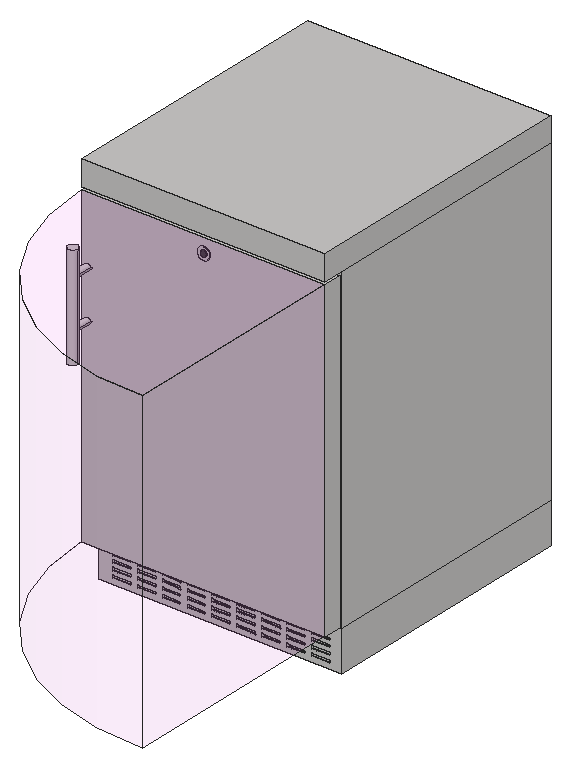
Revit family "QF_Summit_ACR45L_Vaccine_Refrigerator", category Specialty Equipment, Revit 2020
Family settings
  Round Connector Dimension = Use Diameter
  Part Type = Normal
  Work Plane-Based = No
  Always vertical = Yes
  Cut with Voids When Loaded = No
  Shared = No
  Room Calculation Point = No
Parameters
  Weight in Pounds = 79
  Watts = Volts * FL Amps  # 115 W
  Volts = 115 V
  URL Cutsheet = ""
  Specification by User = ""
  Specification by Manufacturer = ""
  Show Right Hand Door [instance] = not(Show Left Hand Door)  # yes
  Show Left Hand Door [instance] = no
  Show Clearance [instance] = yes
  Serial Number = ""
  Seismic Rating = ""
  SMACNA No = ""
  Revision Code = ""
  Refrigerant Volume = 0.00 kip
  Refrigerant Type = "R600a"
  Phase = 1
  Number of Poles = 1
  NAFEM Spec ID Number = ""
  Model = "ACR45L"
  Min Ckt Ampacity = 0 A
  Max Overcurrent Protection = 0 A
  Masterspec = ""
  Manufacturer = "Summit"
  Length = 19 1/2"
  Item Number = ""
  Installed By = ""
  Identify Quantity as Lot = yes
  Height = 31 1/2"
  HP = ""
  Furnished By = ""
  Foodservice Equipment Identifier = yes
  FL Amps = 1 A
  Electrical Remarks = ""
  Electric Connection Type = ""
  Elec Conn RI Height = 0"
  Elec Conn Connection Height = 0"
  Description = "Vaccine Refrigerator"
  Depth = 22 3/4"
  Default Elevation = 0"
  Cycle = 60 Hz
  Conn Plug = ""
  Conn Conduit = yes
  CSI MasterFormat = ""
  BTUH = 0.0 Btu/h
  Apparent Power = 0 VA
Reference planes (in)
  plane 1 "BACK": y = 0
  plane 2: z = 0
  plane 3 "LEFT": x = 0
  plane 4 "RIGHT": x = 19.5
  plane 5 "FRONT": y = -21
  plane 6 "TOP": z = 31.5
  plane 7 "Center Y": x = 9.75
  plane 8 "Center X": y = -10.5
  plane 9: y = -22.75
  plane 10: y = -24.625
Dimensions and locks (in)
  equal spacing: plane 3 "LEFT", plane 7 "Center Y", plane 4 "RIGHT"
  "Length": plane 3 "LEFT" to plane 4 "RIGHT"
  equal spacing: plane 5 "FRONT", plane 8 "Center X", plane 1 "BACK"
  plane 5 "FRONT" to plane 1 "BACK" = 21"
  "Height": plane 6 "TOP" to level
  plane 9 to plane 1 "BACK" = 22 3/4"
  plane 9 to plane 10 = 1 7/8"
  aligned and locked: level to plane 2
Nested families (in)
  nested 1: "ACR45L" at (0, 0, 0), Show Clearance <- "Show Clearance", Show Left Hand Door <- "Show Left Hand Door", Show Right Hand Door <- "Show Right Hand Door", type "ACR45L"
    with Show Right Hand Door yes, Show Left Hand Door no, Show Clearance yes
Connectors (in)
  electrical at (17.51033, 0.0625, 4.5968), driven by "Watts", driven by "Volts"
    settings: on nested 1, index 1, voltage 115 V, apparent load 115 VA, apparent load phase1 0 VA, apparent load phase2 0 VA, apparent load phase3 0 VA, power factor 1, load classification "Other", number of poles 1, system type 30, power factor state 1, is connector primary yes, connector utility no, sub classification motor no, connector description "ELECTRICAL CONNECTION"
Definition of nested family "ACR45L"
  Parameters (values of type "ACR45L")
    Weight in Pounds = 0
    URL Cutsheet = ""
    Specification by User = ""
    Specification by Manufacturer = ""
    Show Right Hand Door [instance] = yes
    Show Left Hand Door [instance] = yes
    Show Clearance [instance] = yes
    Serial Number = ""
    Seismic Rating = ""
    SMACNA No = ""
    Revision Code = ""
    NAFEM Spec ID Number = ""
    Masterspec = ""
    Length = 19 1/2"
    Item Number = ""
    Installed By = ""
    Identify Quantity as Lot = yes
    Height = 31 1/2"
    Furnished By = ""
    Foodservice Equipment Identifier = yes
    Depth = 21"
    Default Elevation = 0"
    CSI MasterFormat = ""
  Reference planes (in)
    plane 1 "BACK": y = 0
    plane 2: z = 0
    plane 3 "LEFT": x = 0
    plane 4 "RIGHT": x = 19.5
    plane 5 "FRONT": y = -21
    plane 6 "TOP": z = 31.5
    plane 7 "Center Y": x = 9.75
    plane 8 "Center X": y = -10.5
    plane 9: y = -24.625
    plane 10: z = 3.75
    plane 11: z = 0.5
    plane 12: z = 29.5
    plane 13: z = 25.93048
    plane 14: z = 17.68048
    plane 15: y = -41
  Forms (in)
    Extrusion 1, solid
      sketch origin (-4.2645, -180, 3.75) x (-1, 0, 0) y (0, -1, 0)
        loop
          line (-4.2645, -180) -> (-4.2645, -159) -> (-23.7645, -159) -> (-23.7645, -180) -> (-4.2645, -180)
      from 0 to 25.75
    Extrusion 2, solid
      sketch origin (-4.2645, -180, 29.5) x (-1, 0, 0) y (0, -1, 0)
        loop
          line (-4.2645, -180) -> (-4.2645, -157.25) -> (-23.7645, -157.25) -> (-23.7645, -180) -> (-4.2645, -180)
      from 0 to 2
    Extrusion 3, solid
      sketch origin (0, 0, 0) x (1, 0, 0) y (0, 0, 1)
        loop
          line (0, 3.75) -> (0, 0.5) -> (19.5, 0.5) -> (19.5, 3.75) -> (0, 3.75)
      from 0 to 21
    Extrusion 4, void
      sketch origin (0, -21, 0) x (-1, 0, 0) y (0, 0, 1)
        loop
          line (-1.08578, 3.41427) -> (-2.58578, 3.41427) -> (-2.58578, 3.16427) -> (-1.08578, 3.16427) -> (-1.08578, 3.41427)
      from 0 to 0.14499
    Extrusion 5, void
      sketch origin (16, -21, 0) x (-1, 0, 0) y (0, 0, 1)
        loop
          line (-1.08578, 3.41427) -> (-2.58578, 3.41427) -> (-2.58578, 3.16427) -> (-1.08578, 3.16427) -> (-1.08578, 3.41427)
      from 0 to 0.14499
    Extrusion 6, void
      sketch origin (2, -21, 0) x (-1, 0, 0) y (0, 0, 1)
        loop
          line (-1.08578, 3.41427) -> (-2.58578, 3.41427) -> (-2.58578, 3.16427) -> (-1.08578, 3.16427) -> (-1.08578, 3.41427)
      from 0 to 0.14499
    Extrusion 7, void
      sketch origin (4, -21, 0) x (-1, 0, 0) y (0, 0, 1)
        loop
          line (-1.08578, 3.41427) -> (-2.58578, 3.41427) -> (-2.58578, 3.16427) -> (-1.08578, 3.16427) -> (-1.08578, 3.41427)
      from 0 to 0.14499
    Extrusion 8, void
      sketch origin (6, -21, 0) x (-1, 0, 0) y (0, 0, 1)
        loop
          line (-1.08578, 3.41427) -> (-2.58578, 3.41427) -> (-2.58578, 3.16427) -> (-1.08578, 3.16427) -> (-1.08578, 3.41427)
      from 0 to 0.14499
    Extrusion 9, void
      sketch origin (8, -21, 0) x (-1, 0, 0) y (0, 0, 1)
        loop
          line (-1.08578, 3.41427) -> (-2.58578, 3.41427) -> (-2.58578, 3.16427) -> (-1.08578, 3.16427) -> (-1.08578, 3.41427)
      from 0 to 0.14499
    Extrusion 10, void
      sketch origin (10, -21, 0) x (-1, 0, 0) y (0, 0, 1)
        loop
          line (-1.08578, 3.41427) -> (-2.58578, 3.41427) -> (-2.58578, 3.16427) -> (-1.08578, 3.16427) -> (-1.08578, 3.41427)
      from 0 to 0.14499
    Extrusion 11, void
      sketch origin (12, -21, 0) x (-1, 0, 0) y (0, 0, 1)
        loop
          line (-1.08578, 3.41427) -> (-2.58578, 3.41427) -> (-2.58578, 3.16427) -> (-1.08578, 3.16427) -> (-1.08578, 3.41427)
      from 0 to 0.14499
    Extrusion 12, void
      sketch origin (14, -21, 0) x (-1, 0, 0) y (0, 0, 1)
        loop
          line (-1.08578, 3.41427) -> (-2.58578, 3.41427) -> (-2.58578, 3.16427) -> (-1.08578, 3.16427) -> (-1.08578, 3.41427)
      from 0 to 0.14499
    Extrusion 13, void
      sketch origin (0, -21, -0.62301) x (-1, 0, 0) y (0, 0, 1)
        loop
          line (-1.08578, 3.41427) -> (-2.58578, 3.41427) -> (-2.58578, 3.16427) -> (-1.08578, 3.16427) -> (-1.08578, 3.41427)
      from 0 to 0.14499
    Extrusion 14, void
      sketch origin (0, -21, -1.12301) x (-1, 0, 0) y (0, 0, 1)
        loop
          line (-1.08578, 3.41427) -> (-2.58578, 3.41427) -> (-2.58578, 3.16427) -> (-1.08578, 3.16427) -> (-1.08578, 3.41427)
      from 0 to 0.14499
    Extrusion 15, void
      sketch origin (0, -21, -1.68815) x (-1, 0, 0) y (0, 0, 1)
        loop
          line (-1.08578, 3.41427) -> (-2.58578, 3.41427) -> (-2.58578, 3.16427) -> (-1.08578, 3.16427) -> (-1.08578, 3.41427)
      from 0 to 0.14499
    Extrusion 16, void
      sketch origin (0, -21, -2.25065) x (-1, 0, 0) y (0, 0, 1)
        loop
          line (-1.08578, 3.41427) -> (-2.58578, 3.41427) -> (-2.58578, 3.16427) -> (-1.08578, 3.16427) -> (-1.08578, 3.41427)
      from 0 to 0.14499
    Extrusion 17, void
      sketch origin (16, -21, -0.62301) x (-1, 0, 0) y (0, 0, 1)
        loop
          line (-1.08578, 3.41427) -> (-2.58578, 3.41427) -> (-2.58578, 3.16427) -> (-1.08578, 3.16427) -> (-1.08578, 3.41427)
      from 0 to 0.14499
    Extrusion 18, void
      sketch origin (16, -21, -1.12301) x (-1, 0, 0) y (0, 0, 1)
        loop
          line (-1.08578, 3.41427) -> (-2.58578, 3.41427) -> (-2.58578, 3.16427) -> (-1.08578, 3.16427) -> (-1.08578, 3.41427)
      from 0 to 0.14499
    Extrusion 19, void
      sketch origin (16, -21, -1.68815) x (-1, 0, 0) y (0, 0, 1)
        loop
          line (-1.08578, 3.41427) -> (-2.58578, 3.41427) -> (-2.58578, 3.16427) -> (-1.08578, 3.16427) -> (-1.08578, 3.41427)
      from 0 to 0.14499
    Extrusion 20, void
      sketch origin (16, -21, -2.25065) x (-1, 0, 0) y (0, 0, 1)
        loop
          line (-1.08578, 3.41427) -> (-2.58578, 3.41427) -> (-2.58578, 3.16427) -> (-1.08578, 3.16427) -> (-1.08578, 3.41427)
      from 0 to 0.14499
    Extrusion 21, void
      sketch origin (2, -21, -0.62301) x (-1, 0, 0) y (0, 0, 1)
        loop
          line (-1.08578, 3.41427) -> (-2.58578, 3.41427) -> (-2.58578, 3.16427) -> (-1.08578, 3.16427) -> (-1.08578, 3.41427)
      from 0 to 0.14499
    Extrusion 22, void
      sketch origin (2, -21, -1.12301) x (-1, 0, 0) y (0, 0, 1)
        loop
          line (-1.08578, 3.41427) -> (-2.58578, 3.41427) -> (-2.58578, 3.16427) -> (-1.08578, 3.16427) -> (-1.08578, 3.41427)
      from 0 to 0.14499
    Extrusion 23, void
      sketch origin (2, -21, -1.68815) x (-1, 0, 0) y (0, 0, 1)
        loop
          line (-1.08578, 3.41427) -> (-2.58578, 3.41427) -> (-2.58578, 3.16427) -> (-1.08578, 3.16427) -> (-1.08578, 3.41427)
      from 0 to 0.14499
    Extrusion 24, void
      sketch origin (2, -21, -2.25065) x (-1, 0, 0) y (0, 0, 1)
        loop
          line (-1.08578, 3.41427) -> (-2.58578, 3.41427) -> (-2.58578, 3.16427) -> (-1.08578, 3.16427) -> (-1.08578, 3.41427)
      from 0 to 0.14499
    Extrusion 25, void
      sketch origin (4, -21, -0.62301) x (-1, 0, 0) y (0, 0, 1)
        loop
          line (-1.08578, 3.41427) -> (-2.58578, 3.41427) -> (-2.58578, 3.16427) -> (-1.08578, 3.16427) -> (-1.08578, 3.41427)
      from 0 to 0.14499
    Extrusion 26, void
      sketch origin (4, -21, -1.12301) x (-1, 0, 0) y (0, 0, 1)
        loop
          line (-1.08578, 3.41427) -> (-2.58578, 3.41427) -> (-2.58578, 3.16427) -> (-1.08578, 3.16427) -> (-1.08578, 3.41427)
      from 0 to 0.14499
    Extrusion 27, void
      sketch origin (4, -21, -1.68815) x (-1, 0, 0) y (0, 0, 1)
        loop
          line (-1.08578, 3.41427) -> (-2.58578, 3.41427) -> (-2.58578, 3.16427) -> (-1.08578, 3.16427) -> (-1.08578, 3.41427)
      from 0 to 0.14499
    Extrusion 28, void
      sketch origin (4, -21, -2.25065) x (-1, 0, 0) y (0, 0, 1)
        loop
          line (-1.08578, 3.41427) -> (-2.58578, 3.41427) -> (-2.58578, 3.16427) -> (-1.08578, 3.16427) -> (-1.08578, 3.41427)
      from 0 to 0.14499
    Extrusion 29, void
      sketch origin (6, -21, -0.62301) x (-1, 0, 0) y (0, 0, 1)
        loop
          line (-1.08578, 3.41427) -> (-2.58578, 3.41427) -> (-2.58578, 3.16427) -> (-1.08578, 3.16427) -> (-1.08578, 3.41427)
      from 0 to 0.14499
    Extrusion 30, void
      sketch origin (6, -21, -1.12301) x (-1, 0, 0) y (0, 0, 1)
        loop
          line (-1.08578, 3.41427) -> (-2.58578, 3.41427) -> (-2.58578, 3.16427) -> (-1.08578, 3.16427) -> (-1.08578, 3.41427)
      from 0 to 0.14499
    Extrusion 31, void
      sketch origin (6, -21, -1.68815) x (-1, 0, 0) y (0, 0, 1)
        loop
          line (-1.08578, 3.41427) -> (-2.58578, 3.41427) -> (-2.58578, 3.16427) -> (-1.08578, 3.16427) -> (-1.08578, 3.41427)
      from 0 to 0.14499
    Extrusion 32, void
      sketch origin (6, -21, -2.25065) x (-1, 0, 0) y (0, 0, 1)
        loop
          line (-1.08578, 3.41427) -> (-2.58578, 3.41427) -> (-2.58578, 3.16427) -> (-1.08578, 3.16427) -> (-1.08578, 3.41427)
      from 0 to 0.14499
    Extrusion 33, void
      sketch origin (8, -21, -0.62301) x (-1, 0, 0) y (0, 0, 1)
        loop
          line (-1.08578, 3.41427) -> (-2.58578, 3.41427) -> (-2.58578, 3.16427) -> (-1.08578, 3.16427) -> (-1.08578, 3.41427)
      from 0 to 0.14499
    Extrusion 34, void
      sketch origin (8, -21, -1.12301) x (-1, 0, 0) y (0, 0, 1)
        loop
          line (-1.08578, 3.41427) -> (-2.58578, 3.41427) -> (-2.58578, 3.16427) -> (-1.08578, 3.16427) -> (-1.08578, 3.41427)
      from 0 to 0.14499
    Extrusion 35, void
      sketch origin (8, -21, -1.68815) x (-1, 0, 0) y (0, 0, 1)
        loop
          line (-1.08578, 3.41427) -> (-2.58578, 3.41427) -> (-2.58578, 3.16427) -> (-1.08578, 3.16427) -> (-1.08578, 3.41427)
      from 0 to 0.14499
    Extrusion 36, void
      sketch origin (8, -21, -2.25065) x (-1, 0, 0) y (0, 0, 1)
        loop
          line (-1.08578, 3.41427) -> (-2.58578, 3.41427) -> (-2.58578, 3.16427) -> (-1.08578, 3.16427) -> (-1.08578, 3.41427)
      from 0 to 0.14499
    Extrusion 37, void
      sketch origin (10, -21, -0.62301) x (-1, 0, 0) y (0, 0, 1)
        loop
          line (-1.08578, 3.41427) -> (-2.58578, 3.41427) -> (-2.58578, 3.16427) -> (-1.08578, 3.16427) -> (-1.08578, 3.41427)
      from 0 to 0.14499
    Extrusion 38, void
      sketch origin (10, -21, -1.12301) x (-1, 0, 0) y (0, 0, 1)
        loop
          line (-1.08578, 3.41427) -> (-2.58578, 3.41427) -> (-2.58578, 3.16427) -> (-1.08578, 3.16427) -> (-1.08578, 3.41427)
      from 0 to 0.14499
    Extrusion 39, void
      sketch origin (10, -21, -1.68815) x (-1, 0, 0) y (0, 0, 1)
        loop
          line (-1.08578, 3.41427) -> (-2.58578, 3.41427) -> (-2.58578, 3.16427) -> (-1.08578, 3.16427) -> (-1.08578, 3.41427)
      from 0 to 0.14499
    Extrusion 40, void
      sketch origin (10, -21, -2.25065) x (-1, 0, 0) y (0, 0, 1)
        loop
          line (-1.08578, 3.41427) -> (-2.58578, 3.41427) -> (-2.58578, 3.16427) -> (-1.08578, 3.16427) -> (-1.08578, 3.41427)
      from 0 to 0.14499
    Extrusion 41, void
      sketch origin (12, -21, -0.62301) x (-1, 0, 0) y (0, 0, 1)
        loop
          line (-1.08578, 3.41427) -> (-2.58578, 3.41427) -> (-2.58578, 3.16427) -> (-1.08578, 3.16427) -> (-1.08578, 3.41427)
      from 0 to 0.14499
    Extrusion 42, void
      sketch origin (12, -21, -1.12301) x (-1, 0, 0) y (0, 0, 1)
        loop
          line (-1.08578, 3.41427) -> (-2.58578, 3.41427) -> (-2.58578, 3.16427) -> (-1.08578, 3.16427) -> (-1.08578, 3.41427)
      from 0 to 0.14499
    Extrusion 43, void
      sketch origin (12, -21, -1.68815) x (-1, 0, 0) y (0, 0, 1)
        loop
          line (-1.08578, 3.41427) -> (-2.58578, 3.41427) -> (-2.58578, 3.16427) -> (-1.08578, 3.16427) -> (-1.08578, 3.41427)
      from 0 to 0.14499
    Extrusion 44, void
      sketch origin (12, -21, -2.25065) x (-1, 0, 0) y (0, 0, 1)
        loop
          line (-1.08578, 3.41427) -> (-2.58578, 3.41427) -> (-2.58578, 3.16427) -> (-1.08578, 3.16427) -> (-1.08578, 3.41427)
      from 0 to 0.14499
    Extrusion 45, void
      sketch origin (14, -21, -0.62301) x (-1, 0, 0) y (0, 0, 1)
        loop
          line (-1.08578, 3.41427) -> (-2.58578, 3.41427) -> (-2.58578, 3.16427) -> (-1.08578, 3.16427) -> (-1.08578, 3.41427)
      from 0 to 0.14499
    Extrusion 46, void
      sketch origin (14, -21, -1.12301) x (-1, 0, 0) y (0, 0, 1)
        loop
          line (-1.08578, 3.41427) -> (-2.58578, 3.41427) -> (-2.58578, 3.16427) -> (-1.08578, 3.16427) -> (-1.08578, 3.41427)
      from 0 to 0.14499
    Extrusion 47, void
      sketch origin (14, -21, -1.68815) x (-1, 0, 0) y (0, 0, 1)
        loop
          line (-1.08578, 3.41427) -> (-2.58578, 3.41427) -> (-2.58578, 3.16427) -> (-1.08578, 3.16427) -> (-1.08578, 3.41427)
      from 0 to 0.14499
    Extrusion 48, void
      sketch origin (14, -21, -2.25065) x (-1, 0, 0) y (0, 0, 1)
        loop
          line (-1.08578, 3.41427) -> (-2.58578, 3.41427) -> (-2.58578, 3.16427) -> (-1.08578, 3.16427) -> (-1.08578, 3.41427)
      from 0 to 0.14499
    Extrusion 49, solid
      sketch origin (0, 0, 3.75) x (1, 0, 0) y (0, 0, -1)
        loop
          circle (17.51033, -0.8468) r 0.25
      from 0 to 0.0625
    Revolve 50, solid
      sketch origin (0, -17.75, 0.5) x (0, 0, 1) y (1, 0, 0)
        loop
          line (0, 1.58578) -> (0, 2.40142) -> (-0.5, 2.40142) -> (-0.5, 1.58578) -> (0, 1.58578)
        axis (0, 1.58578) -> (-0.5, 1.58578)
      angle from 0 to 360
    Revolve 51, solid
      sketch origin (0, -17.75, 0.5) x (0, 0, 1) y (1, 0, 0)
        loop
          line (0, 18.10172) -> (-0.5, 18.10172) -> (-0.5, 17.28608) -> (0, 17.28608) -> (0, 18.10172)
        axis (0, 18.10172) -> (-0.5, 18.10172)
      angle from 0 to 360
    Revolve 52, solid
      sketch origin (0, -3.25, 0.5) x (0, 0, 1) y (-1, 0, 0)
        loop
          line (0, -1.58578) -> (-0.5, -1.58578) -> (-0.5, -2.40142) -> (0, -2.40142) -> (0, -1.58578)
        axis (0, -1.58578) -> (-0.5, -1.58578)
      angle from 0 to 360
    Revolve 53, solid
      sketch origin (0, -3.25, 0.5) x (0, 0, 1) y (-1, 0, 0)
        loop
          line (0, -18.10172) -> (0, -17.28608) -> (-0.5, -17.28608) -> (-0.5, -18.10172) -> (0, -18.10172)
        axis (0, -18.10172) -> (-0.5, -18.10172)
      angle from 0 to 360
  Cuts and joins
    Extrusion 4, Extrusion 5, Extrusion 6, Extrusion 7, Extrusion 8, Extrusion 9, Extrusion 10, Extrusion 11, Extrusion 12, Extrusion 13, Extrusion 14, Extrusion 15, Extrusion 16, Extrusion 17, Extrusion 18, Extrusion 19, Extrusion 20, Extrusion 21, Extrusion 22, Extrusion 23, Extrusion 24, Extrusion 25, Extrusion 26, Extrusion 27, Extrusion 28, Extrusion 29, Extrusion 30, Extrusion 31, Extrusion 32, Extrusion 33, Extrusion 34, Extrusion 35, Extrusion 36, Extrusion 37, Extrusion 38, Extrusion 39, Extrusion 40, Extrusion 41, Extrusion 42, Extrusion 43, Extrusion 44, Extrusion 45, Extrusion 46, Extrusion 47, Extrusion 48 cuts Extrusion 3
    joined: Extrusion 1, Extrusion 49
  Lines and regions (in)
    Split face 1
      outline origin (18.53498, -22.75, 29.5) x (-1, 0, 0) y (0, 0, -1)
        loop
          line (7.18686, -1.71495) -> (7.18686, -0.3463) -> (4.18686, -0.3463) -> (4.18686, -1.71495) -> (7.18686, -1.71495)
    Split face 2
      outline origin (18.53498, -22.75, 29.5) x (-1, 0, 0) y (0, 0, -1)
        loop
          line (6.5649, -1.59876) -> (6.5649, -0.74798) -> (4.75699, -0.74798) -> (4.75699, -1.59876) -> (6.5649, -1.59876)
    Split face 3
      outline origin (18.53498, -22.75, 29.5) x (-1, 0, 0) y (0, 0, -1)
        loop
          line (3.43228, -1.90895) -> (3.43228, -0.05898) -> (0.0922, -0.05898) -> (0.0922, -1.90895) -> (3.43228, -1.90895)
    Split face 4
      outline origin (18.53498, -22.75, 29.5) x (-1, 0, 0) y (0, 0, -1)
        loop
          line (2.925, -1.59876) -> (2.925, -0.59876) -> (0.78476, -0.59876) -> (0.78476, -1.59876) -> (2.925, -1.59876)
    symbolic lines
      curve 1: line (0, 0, 0) -> (19.5, 0, 0)
      curve 2: line (0, -21, 0) -> (0, 0, 0)
      curve 3: line (19.5, -21, 0) -> (0, -21, 0)
      curve 4: line (19.5, 0, 0) -> (19.5, -21, 0)
  Dimensions and locks (in)
    equal spacing: plane 3 "LEFT", plane 7 "Center Y", plane 4 "RIGHT"
    "Length": plane 3 "LEFT" to plane 4 "RIGHT"
    equal spacing: plane 5 "FRONT", plane 8 "Center X", plane 1 "BACK"
    "Depth": plane 5 "FRONT" to plane 1 "BACK"
    "Height": plane 6 "TOP" to level
    plane 12 to plane 6 "TOP" = 2"
    plane 10 to plane 11 = 3 1/4"
    plane 11 to level = 1/2"
    plane 13 to plane 14 = 8 1/4"
    equal spacing: group 1, group 3, group 4, group 5, group 6, group 7, group 8, group 9, group 2  (x3)
    plane 1 "BACK" to plane 15 = 41"
    aligned and locked: level to plane 2
  Automatic sketch dimensions
    Extrusion 4 sketch curve to Extrusion 4 sketch curve = 1/4"
    Extrusion 4 sketch curve to Extrusion 4 sketch curve = 1 1/2"
    Extrusion 5 sketch curve to Extrusion 5 sketch curve = 1/4"
    Extrusion 5 sketch curve to Extrusion 5 sketch curve = 1 1/2"
    Extrusion 6 sketch curve to Extrusion 6 sketch curve = 1/4"
    Extrusion 6 sketch curve to Extrusion 6 sketch curve = 1 1/2"
    Extrusion 7 sketch curve to Extrusion 7 sketch curve = 1/4"
    Extrusion 7 sketch curve to Extrusion 7 sketch curve = 1 1/2"
    Extrusion 8 sketch curve to Extrusion 8 sketch curve = 1/4"
    Extrusion 8 sketch curve to Extrusion 8 sketch curve = 1 1/2"
    Extrusion 9 sketch curve to Extrusion 9 sketch curve = 1/4"
    Extrusion 9 sketch curve to Extrusion 9 sketch curve = 1 1/2"
    Extrusion 10 sketch curve to Extrusion 10 sketch curve = 1/4"
    Extrusion 10 sketch curve to Extrusion 10 sketch curve = 1 1/2"
    Extrusion 11 sketch curve to Extrusion 11 sketch curve = 1/4"
    Extrusion 11 sketch curve to Extrusion 11 sketch curve = 1 1/2"
    Extrusion 12 sketch curve to Extrusion 12 sketch curve = 1/4"
    Extrusion 12 sketch curve to Extrusion 12 sketch curve = 1 1/2"
    Extrusion 13 sketch curve to Extrusion 13 sketch curve = 1 1/2"  (x2)
    Extrusion 13 sketch curve to Extrusion 13 sketch curve = 1/4"  (x2)
    Extrusion 14 sketch curve to Extrusion 14 sketch curve = 1 1/2"  (x2)
    Extrusion 14 sketch curve to Extrusion 14 sketch curve = 1/4"  (x2)
    Extrusion 15 sketch curve to Extrusion 15 sketch curve = 1 1/2"  (x2)
    Extrusion 15 sketch curve to Extrusion 15 sketch curve = 1/4"  (x2)
    Extrusion 16 sketch curve to Extrusion 16 sketch curve = 1 1/2"  (x2)
    Extrusion 16 sketch curve to Extrusion 16 sketch curve = 1/4"  (x2)
    Extrusion 45 sketch curve to Extrusion 45 sketch curve = 1 1/2"
    Extrusion 45 sketch curve to Extrusion 45 sketch curve = 1/4"
    Extrusion 46 sketch curve to Extrusion 46 sketch curve = 1 1/2"
    Extrusion 46 sketch curve to Extrusion 46 sketch curve = 1/4"
    Extrusion 47 sketch curve to Extrusion 47 sketch curve = 1 1/2"
    Extrusion 47 sketch curve to Extrusion 47 sketch curve = 1/4"
    Extrusion 48 sketch curve to Extrusion 48 sketch curve = 1 1/2"
    Extrusion 48 sketch curve to Extrusion 48 sketch curve = 1/4"
    plane 1 "BACK" to Extrusion 1 sketch curve = 0"
    Extrusion 1 sketch curve to plane 4 "RIGHT" = 0"
    Extrusion 1 sketch curve to plane 3 "LEFT" = 0"
    plane 5 "FRONT" to Extrusion 1 sketch curve = 0"
    Extrusion 2 sketch curve to Extrusion 1 = 0"  (x3)
    Extrusion 1 to Extrusion 2 sketch curve = 1 3/4"
    Extrusion 3 sketch curve to plane 3 "LEFT" = 0"
    plane 4 "RIGHT" to Extrusion 3 sketch curve = 0"
    Extrusion 3 sketch curve to plane 11 = 0"
    Extrusion 3 sketch curve to plane 10 = 0"
    Split face 1 sketch curve to Extrusion 2 = 0.28505"
    Split face 1 sketch curve to Extrusion 2 = 5.15188"
    Split face 1 sketch curve to Extrusion 2 = 0.3463"
    Split face 1 sketch curve to Split face 1 sketch curve = 3"
    Split face 2 sketch curve to Extrusion 2 = 0.40124"
    Split face 2 sketch curve to Extrusion 2 = 5.72202"
    Split face 2 sketch curve to Extrusion 2 = 0.74798"
    Split face 2 sketch curve to Split face 2 sketch curve = 1.80791"
    Split face 3 sketch curve to Extrusion 2 = 0.09105"
    Split face 3 sketch curve to Extrusion 2 = 1.05723"
    Split face 3 sketch curve to Extrusion 2 = 0.05898"
    Split face 3 sketch curve to Split face 3 sketch curve = 3.34008"
    Split face 4 sketch curve to Extrusion 2 = 0.40124"
    Split face 4 sketch curve to Extrusion 2 = 1.74979"
    Split face 4 sketch curve to Extrusion 2 = 0.59876"
    Split face 4 sketch curve to Split face 4 sketch curve = 2.14024"
    Extrusion 1 to Extrusion 49 sketch curve = 0.8468"
    Extrusion 49 sketch curve to Extrusion 1 = 1.98967"
    Revolve 50 sketch curve to level = 0"
    Revolve 50 sketch curve to plane 11 = 0"  (x2)
    plane 3 "LEFT" to Revolve 50 sketch curve = 1.58578"
    Revolve 50 sketch curve to Revolve 50 sketch curve = 0.81564"
    Revolve 50 sketch curve to Revolve 50 sketch curve = 1/4"
    Revolve 50 sketch curve to Revolve 50 sketch curve = 0"
    Revolve 51 sketch curve to level = 0"
    Revolve 51 sketch curve to plane 11 = 0"  (x2)
    plane 4 "RIGHT" to Revolve 51 sketch curve = 2.21392"
    Revolve 51 sketch curve to Revolve 51 sketch curve = 0.81564"
    Revolve 51 sketch curve to Revolve 51 sketch curve = 1/4"
    Revolve 51 sketch curve to Revolve 51 sketch curve = 0"
    Revolve 52 sketch curve to level = 0"
    Revolve 52 sketch curve to plane 11 = 0"  (x2)
    plane 3 "LEFT" to Revolve 52 sketch curve = 2.40142"
    Revolve 52 sketch curve to Revolve 52 sketch curve = 0.81564"
    Revolve 52 sketch curve to Revolve 52 sketch curve = 1/4"
    Revolve 52 sketch curve to Revolve 52 sketch curve = 0"
    Revolve 53 sketch curve to level = 0"
    Revolve 53 sketch curve to plane 11 = 0"  (x2)
    plane 4 "RIGHT" to Revolve 53 sketch curve = 1.39828"
    Revolve 53 sketch curve to Revolve 53 sketch curve = 0.81564"
    Revolve 53 sketch curve to Revolve 53 sketch curve = 1/4"
    Revolve 53 sketch curve to Revolve 53 sketch curve = 0"
    plane 1 "BACK" to curve 1 = 0"
    curve 1 to plane 3 "LEFT" = 0"
    curve 4 to plane 4 "RIGHT" = 0"
    Extrusion 17 sketch curve to Extrusion 17 sketch curve = 1 1/2"
    Extrusion 17 sketch curve to Extrusion 17 sketch curve = 1/4"
    Extrusion 18 sketch curve to Extrusion 18 sketch curve = 1 1/2"
    Extrusion 18 sketch curve to Extrusion 18 sketch curve = 1/4"
    Extrusion 19 sketch curve to Extrusion 19 sketch curve = 1 1/2"
    Extrusion 19 sketch curve to Extrusion 19 sketch curve = 1/4"
    Extrusion 20 sketch curve to Extrusion 20 sketch curve = 1 1/2"
    Extrusion 20 sketch curve to Extrusion 20 sketch curve = 1/4"
    Extrusion 21 sketch curve to Extrusion 21 sketch curve = 1 1/2"
    Extrusion 21 sketch curve to Extrusion 21 sketch curve = 1/4"
    Extrusion 22 sketch curve to Extrusion 22 sketch curve = 1 1/2"
    Extrusion 22 sketch curve to Extrusion 22 sketch curve = 1/4"
    Extrusion 23 sketch curve to Extrusion 23 sketch curve = 1 1/2"
    Extrusion 23 sketch curve to Extrusion 23 sketch curve = 1/4"
    Extrusion 24 sketch curve to Extrusion 24 sketch curve = 1 1/2"
    Extrusion 24 sketch curve to Extrusion 24 sketch curve = 1/4"
    Extrusion 25 sketch curve to Extrusion 25 sketch curve = 1 1/2"
    Extrusion 25 sketch curve to Extrusion 25 sketch curve = 1/4"
    Extrusion 26 sketch curve to Extrusion 26 sketch curve = 1 1/2"
    Extrusion 26 sketch curve to Extrusion 26 sketch curve = 1/4"
    Extrusion 27 sketch curve to Extrusion 27 sketch curve = 1 1/2"
    Extrusion 27 sketch curve to Extrusion 27 sketch curve = 1/4"
    Extrusion 28 sketch curve to Extrusion 28 sketch curve = 1 1/2"
    Extrusion 28 sketch curve to Extrusion 28 sketch curve = 1/4"
    Extrusion 29 sketch curve to Extrusion 29 sketch curve = 1 1/2"
    Extrusion 29 sketch curve to Extrusion 29 sketch curve = 1/4"
    Extrusion 30 sketch curve to Extrusion 30 sketch curve = 1 1/2"
    Extrusion 30 sketch curve to Extrusion 30 sketch curve = 1/4"
    Extrusion 31 sketch curve to Extrusion 31 sketch curve = 1 1/2"
    Extrusion 31 sketch curve to Extrusion 31 sketch curve = 1/4"
    Extrusion 32 sketch curve to Extrusion 32 sketch curve = 1 1/2"
    Extrusion 32 sketch curve to Extrusion 32 sketch curve = 1/4"
    Extrusion 33 sketch curve to Extrusion 33 sketch curve = 1 1/2"
    Extrusion 33 sketch curve to Extrusion 33 sketch curve = 1/4"
    Extrusion 34 sketch curve to Extrusion 34 sketch curve = 1 1/2"
    Extrusion 34 sketch curve to Extrusion 34 sketch curve = 1/4"
    Extrusion 35 sketch curve to Extrusion 35 sketch curve = 1 1/2"
    Extrusion 35 sketch curve to Extrusion 35 sketch curve = 1/4"
    Extrusion 36 sketch curve to Extrusion 36 sketch curve = 1 1/2"
    Extrusion 36 sketch curve to Extrusion 36 sketch curve = 1/4"
    Extrusion 37 sketch curve to Extrusion 37 sketch curve = 1 1/2"
    Extrusion 37 sketch curve to Extrusion 37 sketch curve = 1/4"
    Extrusion 38 sketch curve to Extrusion 38 sketch curve = 1 1/2"
    Extrusion 38 sketch curve to Extrusion 38 sketch curve = 1/4"
    Extrusion 39 sketch curve to Extrusion 39 sketch curve = 1 1/2"
    Extrusion 39 sketch curve to Extrusion 39 sketch curve = 1/4"
    Extrusion 40 sketch curve to Extrusion 40 sketch curve = 1 1/2"
    Extrusion 40 sketch curve to Extrusion 40 sketch curve = 1/4"
    Extrusion 41 sketch curve to Extrusion 41 sketch curve = 1 1/2"
    Extrusion 41 sketch curve to Extrusion 41 sketch curve = 1/4"
    Extrusion 42 sketch curve to Extrusion 42 sketch curve = 1 1/2"
    Extrusion 42 sketch curve to Extrusion 42 sketch curve = 1/4"
    Extrusion 43 sketch curve to Extrusion 43 sketch curve = 1 1/2"
    Extrusion 43 sketch curve to Extrusion 43 sketch curve = 1/4"
    Extrusion 44 sketch curve to Extrusion 44 sketch curve = 1 1/2"
    Extrusion 44 sketch curve to Extrusion 44 sketch curve = 1/4"
    plane 5 "FRONT" to curve 3 = 0"
    radius of Extrusion 49 sketch curve = 1/4"
  Nested families (in)
    nested 1: "RH- Door" at (0, -21.045, 0), visible <- "Show Right Hand Door", type "RH- Door"
    nested 2: "LH- Door" at (0, -21.045, 0), visible <- "Show Left Hand Door", type "LH- Door"
  Definition of nested family "RH- Door"
    Parameters (values of type "RH- Door")
      Length = 19 1/2"
      Height = 31 1/2"
      Depth = 3.58"
      Default Elevation = 0"
    Reference planes (in)
      plane 1 "BACK": y = 0
      plane 2: z = 0
      plane 3 "LEFT": x = 0
      plane 4 "RIGHT": x = 19.5
      plane 5 "FRONT": y = -3.58
      plane 6 "TOP": z = 31.5
      plane 7 "Center Y": x = 9.75
      plane 8 "Center X": y = -1.79
      plane 9: z = 3.75
      plane 10: z = 0.5
      plane 11: z = 29.5
      plane 12: z = 25.93048
      plane 13: z = 17.68048
    Forms (in)
      Extrusion 1, solid
        sketch origin (0, 21.045, 0) x (1, 0, 0) y (0, 1, 0)
          loop
            line (0, -21.2502) -> (0, -22.75) -> (19.5, -22.75) -> (19.5, -21.2502) -> (0, -21.2502)
        from 3.91182 to 29.27434
      Extrusion 2, solid
        sketch origin (0, 21.045, 0) x (1, 0, 0) y (0, 1, 0)
          loop
            line (0.54598, -21) -> (0.54598, -21.2502) -> (19.12725, -21.2502) -> (19.12725, -21) -> (0.54598, -21)
        from 4.15806 to 29.10086
      Extrusion 3, solid
        sketch origin (-3.18993, -158.955, 25.93048) x (-1, 0, 0) y (0, -1, 0)
          loop
            circle (-3.6457, -155.77609) r 0.40109
        from 0 to -8.25
      Extrusion 4, solid
        sketch origin (0.1875, 0.045, 0) x (1, 0, 0) y (0, 0, 1)
          loop
            circle (0.24099, 23.88603) r 0.25
          loop
            circle (0.24099, 20.01103) r 0.25
        from 1.03654 to 3.26066
      Extrusion 5, solid
        sketch origin (19.5, -1.705, 0) x (-1, 0, 0) y (0, 0, -1)
          loop
            circle (9.68385, -28.16265) r 0.5
          loop
            circle (9.68385, -28.16265) r 0.25
        from 0 to 0.03125
      Extrusion 6, solid
        sketch origin (19.5, -1.705, 0) x (-1, 0, 0) y (0, 0, -1)
          loop
            circle (9.68385, -28.16265) r 0.25
        from 0 to 0.05328
      Extrusion 7, solid
        sketch origin (0, 21.045, 3.91182) x (0, 1, 0) y (1, 0, 0)
          loop
            line (-22.75, 19.5) -> (-41, 19.5)
            arc (-41, 19.5) -> (-36.04076, 5.85128) -> (-22.75, 0) r 18.48032
            line (-22.75, 0) -> (-22.75, 19.5)
        from 0 to -25.36252
    Lines and regions (in)
      symbolic lines
        curve 1: line (0, -0.2052, 0) -> (19.5, -0.2052, 0)
        curve 2: line (0, -1.705, 0) -> (0, -0.2052, 0)
        curve 3: line (19.5, -1.705, 0) -> (0, -1.705, 0)
        curve 4: line (19.5, -0.2052, 0) -> (19.5, -1.705, 0)
        curve 5: line (0.54598, 0.045, 0) -> (0.54598, -0.2052, 0)
        curve 6: line (19.12725, -0.2052, 0) -> (19.12725, 0.045, 0)
        curve 7: arc (0.85686, -3.17891, 0) -> (0.45577, -2.77783, 0) -> (0.05469, -3.17891, 0) r 0.40109
        curve 8: arc (0.05469, -3.17891, 0) -> (0.45577, -3.58, 0) -> (0.85686, -3.17891, 0) r 0.40109
        curve 9: line (0.17849, -2.88912, 0) -> (0.17849, -1.705, 0)
        curve 10: line (0.67849, -2.84534, 0) -> (0.67849, -1.705, 0)
        curve 11: arc (3.78432, -12.70924, 0) -> (1.00341, -7.51276, 0) -> (0, -1.705, 0) r 18.48032
        curve 12: line (19.5, -1.705, 0) -> (3.78432, -12.70924, 0)
    Dimensions and locks (in)
      equal spacing: plane 3 "LEFT", plane 7 "Center Y", plane 4 "RIGHT"
      "Length": plane 3 "LEFT" to plane 4 "RIGHT"
      equal spacing: plane 5 "FRONT", plane 8 "Center X", plane 1 "BACK"
      "Depth": plane 5 "FRONT" to plane 1 "BACK"
      "Height": plane 6 "TOP" to level
      plane 11 to plane 6 "TOP" = 2"
      plane 9 to plane 10 = 3 1/4"
      plane 10 to level = 1/2"
      plane 12 to plane 13 = 8 1/4"
      aligned and locked: level to plane 2
    Automatic sketch dimensions
      curve 7 to curve 8 = 0"  (x2)
      curve 11 to plane 3 "LEFT" = 0"
      curve 5 to plane 1 "BACK" = 0.045"
      curve 6 to plane 1 "BACK" = 0.045"
      curve 4 to plane 4 "RIGHT" = 0"
      plane 3 "LEFT" to curve 7 = 0.45577"
      plane 3 "LEFT" to curve 12 = 3.78432"
      plane 8 "Center X" to curve 11 = 0.2871"
      plane 4 "RIGHT" to curve 11 = 1.02079"
      plane 8 "Center X" to curve 2 = 0.085"
      curve 7 to plane 5 "FRONT" = 0.40109"
      plane 1 "BACK" to curve 4 = 0.2052"
      plane 3 "LEFT" to curve 7 = 7/128"
      plane 3 "LEFT" to curve 9 = 0.17849"
      plane 3 "LEFT" to curve 5 = 0.54598"
      curve 9 to curve 10 = 1/2"
      plane 4 "RIGHT" to curve 6 = 0.37275"
      Extrusion 1 sketch curve to plane 3 "LEFT" = 0"
      Extrusion 1 sketch curve to plane 4 "RIGHT" = 0"
      plane 8 "Center X" to Extrusion 1 sketch curve = 0.085"
      plane 1 "BACK" to Extrusion 1 sketch curve = 0.2052"
      Extrusion 2 sketch curve to plane 1 "BACK" = 0.045"
      plane 1 "BACK" to Extrusion 2 sketch curve = 0.2052"
      plane 3 "LEFT" to Extrusion 2 sketch curve = 0.54598"
      plane 4 "RIGHT" to Extrusion 2 sketch curve = 0.37275"
      plane 3 "LEFT" to Extrusion 3 sketch curve = 0.45577"
      Extrusion 3 sketch curve to plane 5 "FRONT" = 0.40109"
      plane 3 "LEFT" to Extrusion 4 sketch curve = 0.42849"  (x2)
      plane 13 to Extrusion 4 sketch curve = 2.33054"
      Extrusion 4 sketch curve to plane 12 = 2.04446"
      Extrusion 5 sketch curve to Extrusion 5 sketch curve = 0"  (x2)
      Extrusion 1 to Extrusion 5 sketch curve = 1.11169"
      Extrusion 5 sketch curve to Extrusion 1 = 9.68385"
      Extrusion 6 sketch curve to Extrusion 6 sketch curve = 0"  (x2)
      Extrusion 1 to Extrusion 6 sketch curve = 1.11169"
      Extrusion 6 sketch curve to Extrusion 1 = 9.68385"
      Extrusion 6 sketch curve to Extrusion 6 sketch curve = 1/4"
      Extrusion 7 sketch curve to Extrusion 1 = 0"  (x3)
      Extrusion 7 sketch curve to Extrusion 7 sketch curve = 18 1/4"
      Extrusion 1 to Extrusion 7 sketch curve = 0.2021"
      radius of Extrusion 3 sketch curve = 0.40109"
      radius of Extrusion 4 sketch curve = 1/4"  (x2)
      radius of Extrusion 5 sketch curve = 1/2"
      radius of Extrusion 5 sketch curve = 1/4"
  Definition of nested family "LH- Door"
    Parameters (values of type "LH- Door")
      Length = 19 1/2"
      Height = 31 1/2"
      Depth = 3.58"
      Default Elevation = 0"
    Reference planes (in)
      plane 1 "BACK": y = 0
      plane 2: z = 0
      plane 3 "LEFT": x = 0
      plane 4 "RIGHT": x = 19.5
      plane 5 "FRONT": y = -3.58
      plane 6 "TOP": z = 31.5
      plane 7 "Center Y": x = 9.75
      plane 8 "Center X": y = -1.79
      plane 9: z = 3.75
      plane 10: z = 0.5
      plane 11: z = 29.5
      plane 12: z = 25.93048
      plane 13: z = 17.68048
    Forms (in)
      Extrusion 1, solid
        sketch origin (0, 21.045, 0) x (1, 0, 0) y (0, 1, 0)
          loop
            line (0, -21.2502) -> (0, -22.75) -> (19.5, -22.75) -> (19.5, -21.2502) -> (0, -21.2502)
        from 3.91182 to 29.27434
      Extrusion 2, solid
        sketch origin (0, 21.045, 0) x (1, 0, 0) y (0, 1, 0)
          loop
            line (0.54598, -21) -> (0.54598, -21.2502) -> (19.12725, -21.2502) -> (19.12725, -21) -> (0.54598, -21)
        from 4.15806 to 29.10086
      Extrusion 3, solid
        sketch origin (19.5, -1.705, 0) x (-1, 0, 0) y (0, 0, -1)
          loop
            circle (9.68385, -28.16265) r 0.5
          loop
            circle (9.68385, -28.16265) r 0.25
        from 0 to 0.03125
      Extrusion 4, solid
        sketch origin (19.5, -1.705, 0) x (-1, 0, 0) y (0, 0, -1)
          loop
            circle (9.68385, -28.16265) r 0.25
        from 0 to 0.05328
      Extrusion 5, solid
        sketch origin (22.68993, -158.955, 25.93048) x (1, 0, 0) y (0, 1, 0)
          loop
            circle (-3.6457, 155.77609) r 0.40109
        from 0 to -8.25
      Extrusion 6, solid
        sketch origin (19.3125, 0.045, 0) x (-1, 0, 0) y (0, 0, -1)
          loop
            circle (0.24099, -23.88603) r 0.25
          loop
            circle (0.24099, -20.01103) r 0.25
        from 1.03654 to 3.26066
      Extrusion 7, solid
        sketch origin (19.5, 21.045, 3.91182) x (0, -1, 0) y (-1, 0, 0)
          loop
            line (22.75, 19.5) -> (22.75, 0)
            arc (22.75, 0) -> (36.04076, 5.85128) -> (41, 19.5) r 18.48032
            line (41, 19.5) -> (22.75, 19.5)
        from 0 to -25.36252
    Lines and regions (in)
      symbolic lines
        curve 1: line (19.5, -0.2052, 0) -> (0, -0.2052, 0)
        curve 2: line (19.5, -1.705, 0) -> (19.5, -0.2052, 0)
        curve 3: line (0, -1.705, 0) -> (19.5, -1.705, 0)
        curve 4: line (0, -0.2052, 0) -> (0, -1.705, 0)
        curve 5: line (18.95402, 0.045, 0) -> (18.95402, -0.2052, 0)
        curve 6: line (0.37275, -0.2052, 0) -> (0.37275, 0.045, 0)
        curve 7: arc (18.64314, -3.17891, 0) -> (19.04423, -2.77783, 0) -> (19.44531, -3.17891, 0) r 0.40109
        curve 8: arc (19.44531, -3.17891, 0) -> (19.04423, -3.58, 0) -> (18.64314, -3.17891, 0) r 0.40109
        curve 9: line (19.32151, -2.88912, 0) -> (19.32151, -1.705, 0)
        curve 10: line (18.82151, -2.84534, 0) -> (18.82151, -1.705, 0)
        curve 11: arc (15.71568, -12.70924, 0) -> (18.49659, -7.51276, 0) -> (19.5, -1.705, 0) r 18.48032
        curve 12: line (0, -1.705, 0) -> (15.71568, -12.70924, 0)
    Dimensions and locks (in)
      equal spacing: plane 3 "LEFT", plane 7 "Center Y", plane 4 "RIGHT"
      "Length": plane 3 "LEFT" to plane 4 "RIGHT"
      equal spacing: plane 5 "FRONT", plane 8 "Center X", plane 1 "BACK"
      "Depth": plane 5 "FRONT" to plane 1 "BACK"
      "Height": plane 6 "TOP" to level
      plane 11 to plane 6 "TOP" = 2"
      plane 9 to plane 10 = 3 1/4"
      plane 10 to level = 1/2"
      plane 12 to plane 13 = 8 1/4"
      aligned and locked: level to plane 2
    Automatic sketch dimensions
      curve 7 to curve 8 = 0"  (x2)
      curve 1 to plane 3 "LEFT" = 0"
      curve 6 to plane 1 "BACK" = 0.045"
      curve 5 to plane 1 "BACK" = 0.045"
      curve 2 to plane 4 "RIGHT" = 0"
      plane 8 "Center X" to curve 11 = 0.2871"
      plane 3 "LEFT" to curve 11 = 1.02079"
      plane 4 "RIGHT" to curve 12 = 3.78432"
      plane 4 "RIGHT" to curve 8 = 0.45577"
      plane 8 "Center X" to curve 2 = 0.085"
      curve 7 to plane 5 "FRONT" = 0.40109"
      plane 1 "BACK" to curve 4 = 0.2052"
      plane 3 "LEFT" to curve 6 = 0.37275"
      curve 7 to curve 7 = 0.40109"
      curve 10 to curve 2 = 0.67849"
      curve 5 to curve 1 = 0.54598"
      plane 4 "RIGHT" to curve 9 = 0.17849"
      Extrusion 1 sketch curve to plane 3 "LEFT" = 0"
      Extrusion 1 sketch curve to plane 4 "RIGHT" = 0"
      plane 8 "Center X" to Extrusion 1 sketch curve = 0.085"
      plane 1 "BACK" to Extrusion 1 sketch curve = 0.2052"
      Extrusion 2 sketch curve to plane 1 "BACK" = 0.045"
      plane 1 "BACK" to Extrusion 2 sketch curve = 0.2052"
      plane 3 "LEFT" to Extrusion 2 sketch curve = 0.54598"
      plane 4 "RIGHT" to Extrusion 2 sketch curve = 0.37275"
      Extrusion 3 sketch curve to Extrusion 3 sketch curve = 0"  (x2)
      Extrusion 1 to Extrusion 3 sketch curve = 1.11169"
      Extrusion 3 sketch curve to Extrusion 1 = 9.68385"
      Extrusion 4 sketch curve to Extrusion 4 sketch curve = 0"  (x2)
      Extrusion 1 to Extrusion 4 sketch curve = 1.11169"
      Extrusion 4 sketch curve to Extrusion 1 = 9.68385"
      Extrusion 4 sketch curve to Extrusion 4 sketch curve = 1/4"
      plane 4 "RIGHT" to Extrusion 5 sketch curve = 0.45577"
      Extrusion 5 sketch curve to plane 5 "FRONT" = 0.40109"
      plane 4 "RIGHT" to Extrusion 6 sketch curve = 0.42849"  (x2)
      Extrusion 6 sketch curve to plane 12 = 2.04446"
      plane 13 to Extrusion 6 sketch curve = 2.33054"
      Extrusion 7 sketch curve to plane 3 "LEFT" = 0"
      Extrusion 7 sketch curve to plane 4 "RIGHT" = 0"
      plane 8 "Center X" to Extrusion 7 sketch curve = 0.2871"
      plane 8 "Center X" to Extrusion 7 sketch curve = 0.085"
      plane 5 "FRONT" to Extrusion 7 sketch curve = 16 3/8"
      radius of Extrusion 3 sketch curve = 1/2"
      radius of Extrusion 3 sketch curve = 1/4"
      radius of Extrusion 5 sketch curve = 0.40109"
      radius of Extrusion 6 sketch curve = 1/4"  (x2)
